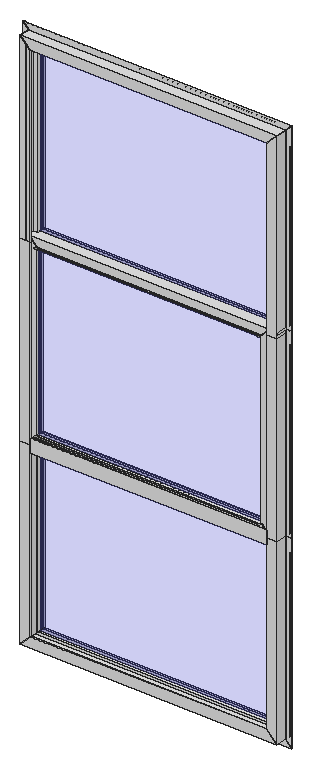
Revit family "591_SH-A_nailfin", category Windows, host Wall, Revit 2016
Family settings
  Host = Wall
  OmniClass Number = 23.30.20.00
  OmniClass Title = Windows
  Always vertical = Yes
  Cut with Voids When Loaded = No
  Shared = No
  Room Calculation Point = No
Parameters (values of type "48x102")
  MLW = 1 / 8 * Width  # 6"
  Interior Color [instance] = White
  Height = 102"
  Exterior Color [instance] = White
  Default Sill Height = 31.49606"
  Wall Closure = By host
  Width = 48"
  BSU = 1 / 3 * Height  # 34"
  BSL = 1 / 3 * Height  # 34"
Reference planes (in)
  plane 1 "Center (Front/Back)": y = 0
  plane 2 "Center (Left/Right)": x = 0
  plane 3 "Left": x = -24
  plane 4 "Right": x = 24
  plane 5 "Sill": z = 31.49606
  plane 6 "Head": z = 133.49606
  plane 7 "Exterior": y = 3.93701
  plane 8 "Interior": y = -3.93701
  plane 9 "Front of wall": y = 3.93701
  plane 10 "BSU": z = 99.49606
  plane 11 "BSL": z = 65.49606
  plane 12: x = -22.6005
  plane 13: x = 22.6005
  plane 14: x = -21.476
  plane 15: x = 21.475
  plane 16: z = 32.89606
  plane 17: z = 64.74606
  plane 18: z = 66.97456
  plane 19: z = 99.42396
  plane 20: z = 99.92296
  plane 21: z = 132.09656
  plane 22: z = 100.24905
  plane 23 "Front of glass": y = 4.93351
Forms (in)
  Extrusion 1, solid, material "White" <- "Interior Color"
    sketch origin (0, 0, 133.49606) x (0, -1, 0) y (1, 0, 0)
      loop
        line (-1.87701, -22.1) -> (-2.07701, -22.1) -> (-2.07701, -22.975) -> (-3.57701, -22.975) -> (-3.57701, -22.1005) -> (-4.18951, -22.1005) -> (-4.18951, -22.6005) -> (-4.93351, -22.6005) -> (-4.93351, -22.13724) -> (-4.97301, -22.1625) -> (-5.33691, -22.16089) -> (-5.33691, -22.725) -> (-5.37701, -22.725) -> (-5.37701, -24.02) -> (-5.25201, -24.02) -> (-5.25201, -23.98) -> (-5.06701, -23.98) -> (-5.03872, -24) -> (-4.00201, -24) -> (-4.00201, -25.125) -> (-3.93701, -25.125) -> (-3.93701, -24) -> (-1.87701, -24) -> (-1.87701, -22.1)
    from 1.125 to -34
  Extrusion 2, solid, material "White" <- "Interior Color"
    sketch origin (0, 0, 133.49606) x (0, -1, 0) y (1, 0, 0)
      loop
        line (-1.87701, 22.1) -> (-1.87701, 24) -> (-3.93701, 24) -> (-3.93701, 25.125) -> (-4.00201, 25.125) -> (-4.00201, 24) -> (-5.03872, 24) -> (-5.06701, 23.98) -> (-5.25201, 23.98) -> (-5.25201, 24.02) -> (-5.37701, 24.02) -> (-5.37701, 22.725) -> (-5.33691, 22.725) -> (-5.33691, 22.16089) -> (-4.97301, 22.1625) -> (-4.93351, 22.13724) -> (-4.93351, 22.6005) -> (-4.18951, 22.6005) -> (-4.18951, 22.1005) -> (-3.57701, 22.1005) -> (-3.57701, 22.975) -> (-2.07701, 22.975) -> (-2.07701, 22.1) -> (-1.87701, 22.1)
    from -34 to 1.125
  Extrusion 3, solid, material "White" <- "Interior Color"
    sketch origin (0, 0, 99.49606) x (-1, 0, 0) y (0, -1, 0)
      loop
        line (21.5564, -3.46691) -> (21.601, -3.47701) -> (22.101, -3.47701) -> (22.101, -4.12701) -> (22.851, -4.12701) -> (22.851, -4.6254) -> (22.726, -4.6254) -> (22.726, -5.37701) -> (24.021, -5.37701) -> (24.021, -5.25201) -> (23.981, -5.25201) -> (23.981, -5.06701) -> (24, -5.04014) -> (24, -4.00201) -> (25.125, -4.00201) -> (25.125, -3.93701) -> (24, -3.93701) -> (24, -1.87701) -> (22.101, -1.87701) -> (22.101, -2.07701) -> (20.976, -2.07701) -> (20.976, -2.31951) -> (21.476, -2.31951) -> (21.476, -3.06351) -> (21.01274, -3.06351) -> (21.038, -3.10301) -> (21.038, -3.46691) -> (21.5564, -3.46691)
    from 0.75298 to -34
  Extrusion 4, solid, material "White" <- "Interior Color"
    sketch origin (0, 0, 99.49606) x (-1, 0, 0) y (0, -1, 0)
      loop
        line (-21.56233, -3.46691) -> (-21.037, -3.46691) -> (-21.037, -3.10301) -> (-21.01174, -3.06351) -> (-21.475, -3.06351) -> (-21.475, -2.31951) -> (-20.975, -2.31951) -> (-20.975, -2.07701) -> (-22.1, -2.07701) -> (-22.1, -1.87701) -> (-24, -1.87701) -> (-24, -3.93701) -> (-25.125, -3.93701) -> (-25.125, -4.00201) -> (-24, -4.00201) -> (-24, -5.03872) -> (-23.98, -5.06701) -> (-23.98, -5.25201) -> (-24.02, -5.25201) -> (-24.02, -5.37701) -> (-22.725, -5.37701) -> (-22.725, -4.62701) -> (-22.85, -4.62701) -> (-22.85, -4.12701) -> (-22.1, -4.12701) -> (-22.1, -3.47701) -> (-21.6, -3.47701) -> (-21.56233, -3.46691)
    from -34 to 0.75298
  Extrusion 5, solid, material "White" <- "Interior Color"
    sketch origin (0, 0, 65.49606) x (0, -1, 0) y (1, 0, 0)
      loop
        line (-5.37701, -24.02) -> (-5.25201, -24.02) -> (-5.25201, -23.98) -> (-5.06701, -23.98) -> (-5.03872, -24) -> (-4.00201, -24) -> (-4.00201, -25.125) -> (-3.93701, -25.125) -> (-3.93701, -24) -> (-1.87701, -24) -> (-1.87701, -22.1) -> (-2.07701, -22.1) -> (-2.07701, -22.445) -> (-3.57701, -22.445) -> (-3.57701, -22.1) -> (-4.18951, -22.1) -> (-4.18951, -22.6005) -> (-4.93351, -22.6005) -> (-4.93351, -22.13674) -> (-4.97301, -22.162) -> (-5.33691, -22.162) -> (-5.33691, -22.725) -> (-5.37701, -22.725) -> (-5.37701, -24.02)
    from 0 to -35.125
  Extrusion 6, solid, material "White" <- "Interior Color"
    sketch origin (0, 0, 65.49606) x (0, -1, 0) y (1, 0, 0)
      loop
        line (-5.37701, 24.02) -> (-5.37701, 22.725) -> (-5.33691, 22.725) -> (-5.33691, 22.162) -> (-4.97301, 22.162) -> (-4.93351, 22.13674) -> (-4.93351, 22.6005) -> (-4.18951, 22.6005) -> (-4.18951, 22.1) -> (-3.57701, 22.1) -> (-3.57701, 22.445) -> (-2.07701, 22.445) -> (-2.07701, 22.1) -> (-1.87701, 22.1) -> (-1.87701, 24) -> (-3.93701, 24) -> (-3.93701, 25.125) -> (-4.00201, 25.125) -> (-4.00201, 24) -> (-5.03872, 24) -> (-5.06701, 23.98) -> (-5.25201, 23.98) -> (-5.25201, 24.02) -> (-5.37701, 24.02)
    from 0 to -35.125
  Extrusion 7, solid, material "White" <- "Interior Color"
    sketch origin (0, 0, 0) x (0, -1, 0) y (0, 0, 1)
      loop
        line (-1.87701, 33.40042) -> (-2.07701, 33.40042) -> (-2.07701, 33.05106) -> (-3.57701, 33.05106) -> (-3.57701, 33.39606) -> (-4.18951, 33.39606) -> (-4.18951, 32.89606) -> (-4.93351, 32.89606) -> (-4.93351, 33.35932) -> (-4.97301, 33.33406) -> (-5.33691, 33.33406) -> (-5.33691, 32.77106) -> (-5.37701, 32.77106) -> (-5.37701, 31.47606) -> (-5.25286, 31.47606) -> (-5.25286, 31.51606) -> (-5.06701, 31.51606) -> (-5.03872, 31.49606) -> (-4.00201, 31.49606) -> (-4.00201, 30.37106) -> (-3.93701, 30.37106) -> (-3.93701, 31.49606) -> (-1.87701, 31.49606) -> (-1.87701, 33.40042)
    from -25.125 to 25.125
  Extrusion 8, solid, material "White" <- "Interior Color"
    sketch origin (0, 0, 0) x (0, -1, 0) y (0, 0, 1)
      loop
        line (-1.87701, 66.74617) -> (-2.07701, 66.74617) -> (-2.07701, 67.40556) -> (-1.70156, 67.40556)
        arc (-1.70156, 67.40556) -> (-1.59274, 67.37161) -> (-1.63951, 67.47556) r 0.0625
        line (-1.63951, 67.47556) -> (-2.31951, 67.47556) -> (-2.31951, 66.97456) -> (-3.06351, 66.97456) -> (-3.06351, 67.43882) -> (-3.10301, 67.41356) -> (-3.46691, 67.41356) -> (-3.46691, 66.8782) -> (-3.47701, 66.83556) -> (-3.47701, 66.74617) -> (-4.12701, 66.74617) -> (-4.12701, 65.99617) -> (-4.62701, 65.99617) -> (-4.62701, 66.12117) -> (-5.37701, 66.12117) -> (-5.37701, 64.87096) -> (-5.33691, 64.87096) -> (-5.33691, 64.30806) -> (-4.97301, 64.30806) -> (-4.93351, 64.28281) -> (-4.93351, 64.74606) -> (-4.18951, 64.74606) -> (-4.18951, 64.24596) -> (-3.57701, 64.24596) -> (-3.57701, 64.60792) -> (-2.07701, 64.60792) -> (-2.07701, 64.24596) -> (-1.87701, 64.24596) -> (-1.87701, 66.74617)
    from -24 to 24
  Extrusion 9, solid, material "White" <- "Interior Color"
    sketch origin (0, 0, 0) x (0, -1, 0) y (0, 0, 1)
      loop
        line (-5.34701, 99.79896) -> (-5.34701, 98.79896) -> (-4.72701, 98.79896) -> (-4.72701, 98.38396) -> (-4.62701, 98.38396) -> (-4.62701, 98.79896) -> (-4.12701, 98.79896) -> (-4.12701, 98.38396) -> (-4.02701, 98.38396) -> (-4.02701, 98.79896) -> (-3.57701, 98.79896) -> (-3.57701, 98.98596) -> (-3.10301, 98.98596) -> (-3.06351, 98.9607) -> (-3.06351, 99.42396) -> (-2.31951, 99.42396) -> (-2.31951, 98.92396) -> (-1.63951, 98.92396)
        arc (-1.63951, 98.92396) -> (-1.59274, 99.02792) -> (-1.70156, 98.99396) r 0.0625
        line (-1.70156, 98.99396) -> (-2.07701, 98.99396) -> (-2.07701, 100.42396) -> (-4.18951, 100.42396) -> (-4.18951, 99.92296) -> (-4.93351, 99.92296) -> (-4.93351, 100.38722) -> (-4.97301, 100.36196) -> (-5.33691, 100.36196) -> (-5.33691, 99.83663) -> (-5.34701, 99.79896)
    from -24 to 24
  Extrusion 10, solid, material "White" <- "Interior Color"
    sketch origin (0, 0, 0) x (0, -1, 0) y (0, 0, 1)
      loop
        line (-1.87701, 131.59606) -> (-1.87701, 133.49606) -> (-3.93701, 133.49606) -> (-3.93701, 134.62106) -> (-4.00201, 134.62106) -> (-4.00201, 133.49606) -> (-5.03872, 133.49606) -> (-5.06701, 133.47606) -> (-5.25201, 133.47606) -> (-5.25201, 133.51606) -> (-5.37701, 133.51606) -> (-5.37701, 132.22106) -> (-5.33691, 132.22106) -> (-5.33691, 131.65696) -> (-4.97301, 131.65856) -> (-4.93351, 131.63331) -> (-4.93351, 132.09656) -> (-4.18951, 132.09656) -> (-4.18951, 131.59656) -> (-3.57701, 131.59656) -> (-3.57701, 132.47106) -> (-2.07701, 132.47106) -> (-2.07701, 131.59606) -> (-1.87701, 131.59606)
    from -25.125 to 25.125
  Sweep 11, void
    path in 3D
      loop
        line (22, 10.06081, 133.49606) -> (22, 3.93701, 133.49606)
    profile origin (22, 6.99891, 133.49606) x (1, 0, 0) y (0, 0, 1)
      loop
        line (3.80914, 1.80914) -> (-0.94086, -2.94086) -> (3.80914, -2.94086) -> (3.80914, 1.80914)
  Sweep 12, void
    path in 3D
      loop
        line (22, 10.06081, 133.49606) -> (22, 3.93701, 133.49606)
    profile origin (22, 6.99891, 133.49606) x (1, 0, 0) y (0, 0, 1)
      loop
        line (3.83804, 1.83804) -> (-0.76409, 1.83804) -> (-0.76409, -2.76409) -> (3.83804, 1.83804)
  Sweep 13, void
    path in 3D
      loop
        line (-21.91271, 10.53934, 133.49606) -> (-21.91271, 3.93701, 133.49606)
    profile origin (-21.91271, 7.23818, 133.49606) x (1, 0, 0) y (0, 0, 1)
      loop
        line (-4.17675, 2.08947) -> (-4.17675, -2.41053) -> (0.32325, -2.41053) -> (-4.17675, 2.08947)
  Sweep 14, void
    path in 3D
      loop
        line (-21.91271, 10.53934, 133.49606) -> (-21.91271, 3.93701, 133.49606)
    profile origin (-21.91271, 7.23818, 133.49606) x (1, 0, 0) y (0, 0, 1)
      loop
        line (-3.75, 1.66271) -> (0, -2.08729) -> (0, 1.66271) -> (-3.75, 1.66271)
  Sweep 15, void
    path in 3D
      loop
        line (22.6005, 10.06081, 99.49606) -> (22.6005, 3.93701, 99.49606)
    profile origin (22.6005, 6.99891, 99.49606) x (1, 0, 0) y (0, 0, 1)
      loop
        line (-0.83035, 1.25774) -> (0.1245, 0.3029) -> (0.1245, -1.49226) -> (3.3745, -1.49226) -> (3.3745, 1.25774) -> (-0.83035, 1.25774)
  Sweep 16, void
    path in 3D
      loop
        line (22.6005, 10.06081, 99.49606) -> (22.6005, 3.93701, 99.49606)
    profile origin (22.6005, 6.99891, 99.49606) x (1, 0, 0) y (0, 0, 1)
      loop
        line (-0.93511, 1.3625) -> (-0.93511, -0.4046) -> (2.8745, -0.4046) -> (2.8745, 0.75298) -> (0.1245, 0.75298) -> (0.1245, 0.3029) -> (-0.93511, 1.3625)
  Sweep 17, void
    path in 3D
      loop
        line (21.90035, 8.97793, 31.49606) -> (21.90035, 3.93701, 31.49606)
    profile origin (21.90035, 6.45747, 31.49606) x (1, 0, 0) y (0, 0, 1)
      loop
        line (4.10469, -2.00504) -> (-0.39257, 2.49222) -> (-0.39257, -2.00504) -> (4.10469, -2.00504)
  Sweep 18, void
    path in 3D
      loop
        line (21.90035, 8.97793, 31.49606) -> (21.90035, 3.93701, 31.49606)
    profile origin (21.90035, 6.45747, 31.49606) x (1, 0, 0) y (0, 0, 1)
      loop
        line (3.93911, -1.83947) -> (3.93911, 2.41053) -> (-0.31089, 2.41053) -> (3.93911, -1.83947)
  Sweep 19, void
    path in 3D
      loop
        line (-21.87919, 9.35012, 31.49606) -> (-21.87919, 3.93701, 31.49606)
    profile origin (-21.87919, 6.64357, 31.49606) x (1, 0, 0) y (0, 0, 1)
      loop
        line (-3.96028, -1.83947) -> (0.28972, -1.83947) -> (0.28972, 2.41053) -> (-3.96028, -1.83947)
  Sweep 20, void
    path in 3D
      loop
        line (-21.87919, 9.35012, 31.49606) -> (-21.87919, 3.93701, 31.49606)
    profile origin (-21.87919, 6.64357, 31.49606) x (1, 0, 0) y (0, 0, 1)
      loop
        line (-3.85673, -1.73591) -> (0.64327, 2.76409) -> (-3.85673, 2.76409) -> (-3.85673, -1.73591)
  Extrusion 21, void
    sketch origin (0, 3.93701, 0) x (1, 0, 0) y (0, 0, 1)
      loop
        line (-21.33279, 130.82885) -> (-25.49016, 134.98622) -> (-25.49016, 130.82885) -> (-21.33279, 130.82885)
    from 0 to 12
  Extrusion 22, void
    sketch origin (0, 3.93701, 0) x (1, 0, 0) y (0, 0, 1)
      loop
        line (-25.66271, 135.15878) -> (-21.59392, 131.08998) -> (-21.59392, 135.15878) -> (-25.66271, 135.15878)
    from 0 to 12
  Extrusion 23, void
    sketch origin (0, 3.93701, 0) x (1, 0, 0) y (0, 0, 1)
      loop
        line (25.50984, 135.00591) -> (21.52513, 131.02119) -> (25.50984, 131.02119) -> (25.50984, 135.00591)
    from 0 to 12
  Extrusion 24, void
    sketch origin (0, 3.93701, 0) x (1, 0, 0) y (0, 0, 1)
      loop
        line (26.25, 135.74606) -> (21.34835, 135.74606) -> (21.34835, 130.84441) -> (26.25, 135.74606)
    from 0 to 12
  Extrusion 25, void
    sketch origin (0, 3.93701, 0) x (1, 0, 0) y (0, 0, 1)
      loop
        line (-21.42843, 34.06764) -> (-25.83947, 29.6566) -> (-21.42843, 29.6566) -> (-21.42843, 34.06764)
    from 0 to 12
  Extrusion 26, void
    sketch origin (0, 3.93701, 0) x (1, 0, 0) y (0, 0, 1)
      loop
        line (-21.31365, 34.18241) -> (-25.73591, 34.18241) -> (-25.73591, 29.76015) -> (-21.31365, 34.18241)
    from 0 to 12
  Extrusion 27, void
    sketch origin (0, 3.93701, 0) x (1, 0, 0) y (0, 0, 1)
      loop
        line (21.3552, 34.14086) -> (21.3552, 29.90362) -> (25.59244, 29.90362) -> (21.3552, 34.14086)
    from 0 to 12
  Extrusion 28, void
    sketch origin (0, 3.93701, 0) x (1, 0, 0) y (0, 0, 1)
      loop
        line (26.25984, 29.23622) -> (26.25984, 33.99094) -> (21.50513, 33.99094) -> (26.25984, 29.23622)
    from 0 to 12
  Extrusion 29, void
    sketch origin (0, 3.93701, 0) x (1, 0, 0) y (0, 0, 1)
      loop
        line (-20.976, 98.92396) -> (-22.1, 100.04796) -> (-24.46911, 100.04796) -> (-24.46911, 98.39644) -> (-20.976, 98.39644) -> (-20.976, 98.92396)
    from 0 to 12
  Extrusion 30, void
    sketch origin (0, 3.93701, 0) x (1, 0, 0) y (0, 0, 1)
      loop
        line (-20.80346, 98.75142) -> (-20.80346, 100.24905) -> (-24, 100.24905) -> (-24, 99.49606) -> (-22.101, 99.49606) -> (-22.101, 100.04896) -> (-20.80346, 98.75142)
    from 0 to 12
  Extrusion 31, void
    sketch origin (0, 3.93701, 0) x (1, 0, 0) y (0, 0, 1)
      loop
        line (20.85481, 98.80377) -> (22.1, 100.04896) -> (22.1, 99.49606) -> (24, 99.49606) -> (24, 100.24905) -> (20.85481, 100.24905) -> (20.85481, 98.80377)
    from 0 to 12
  Extrusion 32, void
    sketch origin (0, 3.93701, 0) x (1, 0, 0) y (0, 0, 1)
      loop
        line (22.1, 100.04896) -> (20.975, 98.92396) -> (20.975, 98.20642) -> (24.15782, 98.20642) -> (24.15782, 100.04896) -> (22.1, 100.04896)
    from 0 to 12
  Extrusion 33, void
    sketch origin (0, 3.93701, 0) x (1, 0, 0) y (0, 0, 1)
      loop
        line (20.4544, 67.99617) -> (20.4544, 65.74617) -> (21.7044, 65.74617) -> (21.7044, 66.74617) -> (20.4544, 67.99617)
    from 0 to 12
  Extrusion 34, void
    sketch origin (0, 3.93701, 0) x (1, 0, 0) y (0, 0, 1)
      loop
        line (20.77608, 67.67448) -> (21.7044, 66.74617) -> (22.1, 66.74617) -> (22.1, 63.74617) -> (24.22079, 63.74617) -> (24.22079, 67.67448) -> (20.77608, 67.67448)
    from 0 to 12
  Extrusion 35, void
    sketch origin (0, 3.93701, 0) x (1, 0, 0) y (0, 0, 1)
      loop
        line (-20.8149, 67.63666) -> (-24.351, 67.63666) -> (-24.351, 63.99617) -> (-22.101, 63.99617) -> (-22.101, 66.74617) -> (-21.7054, 66.74617) -> (-20.8149, 67.63666)
    from 0 to 12
  Extrusion 36, void
    sketch origin (0, 3.93701, 0) x (1, 0, 0) y (0, 0, 1)
      loop
        line (-20.31759, 68.13397) -> (-21.7054, 66.74617) -> (-20.31759, 66.74617) -> (-20.31759, 68.13397)
    from 0 to 12
  Sweep 37, void
    path in 3D
      loop
        line (-21.19491, 10.37983, 99.49606) -> (-21.19491, 3.93701, 99.49606)
    profile origin (-21.19491, 7.15842, 99.49606) x (1, 0, 0) y (0, 0, 1)
      loop
        line (-0.61607, 1.21692) -> (-1.53009, 0.3029) -> (-1.53009, 0.75298) -> (-4.28009, 0.75298) -> (-4.28009, -0.74983) -> (-0.61607, -0.74983) -> (-0.61607, 1.21692)
  Sweep 38, void
    path in 3D
      loop
        line (-21.19491, 10.37983, 99.49606) -> (-21.19491, 3.93701, 99.49606)
    profile origin (-21.19491, 7.15842, 99.49606) x (1, 0, 0) y (0, 0, 1)
      loop
        line (-0.61424, 1.21875) -> (-4.28009, 1.21875) -> (-4.28009, -1.4471) -> (-1.53009, -1.4471) -> (-1.53009, 0.3029) -> (-0.61424, 1.21875)
  Sweep 39, void
    path in 3D
      loop
        line (-20.31759, 10.06081, 65.49606) -> (-20.31759, 3.93701, 65.49606)
    profile origin (-20.31759, 6.99891, 65.49606) x (1, 0, 0) y (0, 0, 1)
      loop
        line (-0.84532, 1.2501) -> (-2.40841, 1.2501) -> (-2.40841, -0.6251) -> (-0.84532, -2.18819) -> (-0.84532, 1.2501)
  Sweep 40, void
    path in 3D
      loop
        line (-20.31759, 10.06081, 65.49606) -> (-20.31759, 3.93701, 65.49606)
    profile origin (-20.31759, 6.99891, 65.49606) x (1, 0, 0) y (0, 0, 1)
      loop
        line (-1.28713, -1.74639) -> (-2.40841, -0.6251) -> (-2.40841, 1.75361) -> (-5.15841, 1.75361) -> (-5.15841, -1.74639) -> (-1.28713, -1.74639)
  Sweep 41, void
    path in 3D
      loop
        line (23.14292, 9.79495, 65.49606) -> (23.14292, 3.93701, 65.49606)
    profile origin (23.14292, 6.86598, 65.49606) x (1, 0, 0) y (0, 0, 1)
      loop
        line (-1.79679, 1.2501) -> (-1.79679, -2.00397) -> (-0.41792, -0.6251) -> (-0.41792, 1.2501) -> (-1.79679, 1.2501)
  Sweep 42, void
    path in 3D
      loop
        line (23.14292, 9.79495, 65.49606) -> (23.14292, 3.93701, 65.49606)
    profile origin (23.14292, 6.86598, 65.49606) x (1, 0, 0) y (0, 0, 1)
      loop
        line (-1.41792, -1.6251) -> (2.21541, -1.6251) -> (2.21541, 2.1249) -> (-0.41792, 2.1249) -> (-0.41792, -0.6251) -> (-1.41792, -1.6251)
  Extrusion 43, solid, material "Glass"
    sketch origin (0, 0, 0) x (0, -1, 0) y (0, 0, 1)
      loop
        line (-4.93351, 99.92296) -> (-4.18951, 99.92296) -> (-4.18951, 132.09656) -> (-4.93351, 132.09656) -> (-4.93351, 99.92296)
    from -22.6005 to 22.6005
  Extrusion 44, solid, material "Glass"
    sketch origin (0, 0, 0) x (0, -1, 0) y (0, 0, 1)
      loop
        line (-4.93351, 64.74606) -> (-4.93351, 32.89606) -> (-4.18951, 32.89606) -> (-4.18951, 64.74606) -> (-4.93351, 64.74606)
    from -22.6005 to 22.6005
  Extrusion 45, solid, material "Glass"
    sketch origin (0, 0, 0) x (0, -1, 0) y (0, 0, 1)
      loop
        line (-3.06351, 99.42396) -> (-3.06351, 66.97456) -> (-2.31951, 66.97456) -> (-2.31951, 99.42396) -> (-3.06351, 99.42396)
    from -21.475 to 21.476
Cuts and joins
  Sweep 12, Sweep 16, Extrusion 24 cuts Extrusion 2
  Sweep 11, Sweep 13, Extrusion 21, Extrusion 23 cuts Extrusion 10
  Sweep 14, Extrusion 22, Sweep 37 cuts Extrusion 1
  Sweep 15, Extrusion 29, Extrusion 32, Sweep 38 cuts Extrusion 9
  Extrusion 31, Extrusion 33, Sweep 41 cuts Extrusion 4
  Sweep 17, Extrusion 27, Sweep 41 cuts Extrusion 6
  Sweep 18, Sweep 20, Extrusion 26, Extrusion 28 cuts Extrusion 7
  Sweep 19, Extrusion 25, Sweep 39 cuts Extrusion 5
  Extrusion 30, Extrusion 36, Sweep 39 cuts Extrusion 3
  Extrusion 34, Extrusion 35, Sweep 40, Sweep 42 cuts Extrusion 8
Lines and regions (in)
  Opening 1
    outline origin (137.79528, -3.93701, 0) x (1, 0, 0) y (0, 0, 1)
      loop
        line (-113.79528, 31.49606) -> (-113.79528, 133.49606) -> (-161.79528, 133.49606) -> (-161.79528, 31.49606) -> (-113.79528, 31.49606)
  reference lines
    curve 1: line (-21.91271, 10.53934, 133.49606) -> (-21.91271, 3.93701, 133.49606)
    curve 2: line (-21.19491, 10.37983, 99.49606) -> (-21.19491, 3.93701, 99.49606)
    curve 3: line (-20.31759, 10.06081, 65.49606) -> (-20.31759, 3.93701, 65.49606)
    curve 4: line (22, 10.06081, 133.49606) -> (22, 3.93701, 133.49606)
    curve 5: line (22.6005, 10.06081, 99.49606) -> (22.6005, 3.93701, 99.49606)
    curve 6: line (23.14292, 9.79495, 65.49606) -> (23.14292, 3.93701, 65.49606)
    curve 7: line (-21.87919, 9.35012, 31.49606) -> (-21.87919, 3.93701, 31.49606)
    curve 8: line (21.90035, 8.97793, 31.49606) -> (21.90035, 3.93701, 31.49606)
    curve 28: line (2.5, 4.93351, 118.99606) -> (-2.5, 4.93351, 118.99606)
    curve 29: line (2.5, 4.93351, 113.99606) -> (2.5, 4.93351, 118.99606)
    curve 30: line (-2.5, 4.93351, 113.99606) -> (2.5, 4.93351, 113.99606)
    curve 31: line (-2.5, 4.93351, 118.99606) -> (-2.5, 4.93351, 113.99606)
    curve 35: line (0, 4.93351, 113.99606) -> (0, 4.93351, 120.49606)
    curve 36: line (2.5, 4.93351, 116.49606) -> (-5, 4.93351, 116.49606)
    curve 37: line (2.5, 4.93351, 50.99606) -> (-2.5, 4.93351, 50.99606)
    curve 38: line (2.5, 4.93351, 45.99606) -> (2.5, 4.93351, 50.99606)
    curve 39: line (-2.5, 4.93351, 45.99606) -> (2.5, 4.93351, 45.99606)
    curve 40: line (-2.5, 4.93351, 50.99606) -> (-2.5, 4.93351, 45.99606)
    curve 44: line (0, 4.93351, 45.99606) -> (0, 4.93351, 52.49606)
    curve 45: line (2.5, 4.93351, 48.49606) -> (1.31359, 4.93351, 48.49606)
    curve 49: line (2.5, 0, 118.96001) -> (-2.5, 0, 118.96001)
    curve 50: line (2.5, 0, 113.96001) -> (2.5, 0, 118.96001)
    curve 51: line (-2.5, 0, 113.96001) -> (2.5, 0, 113.96001)
    curve 52: line (-2.5, 0, 118.96001) -> (-2.5, 0, 113.96001)
    curve 53: line (0, 0, 113.96001) -> (0, 0, 121.46001)
    curve 54: line (2.5, 0, 116.46001) -> (-4.5, 0, 116.46001)
    curve 58: line (2.5, 0, 50.99606) -> (-2.5, 0, 50.99606)
    curve 59: line (2.5, 0, 45.99606) -> (2.5, 0, 50.99606)
    curve 60: line (-2.5, 0, 45.99606) -> (2.5, 0, 45.99606)
    curve 61: line (-2.5, 0, 50.99606) -> (-2.5, 0, 45.99606)
    curve 62: line (0, 0, 45.99606) -> (0, 0, 53.49606)
    curve 63: line (2.5, 0, 48.49606) -> (-4.5, 0, 48.49606)
  sketch lines
    curve 9: line (22, 10.06081, 133.49606) -> (22, 3.93701, 133.49606)
    curve 10: line (22, 10.06081, 133.49606) -> (22, 3.93701, 133.49606)
    curve 11: line (-21.91271, 10.53934, 133.49606) -> (-21.91271, 3.93701, 133.49606)
    curve 12: line (-21.91271, 10.53934, 133.49606) -> (-21.91271, 3.93701, 133.49606)
    curve 13: line (22.6005, 10.06081, 99.49606) -> (22.6005, 3.93701, 99.49606)
    curve 14: line (22.6005, 10.06081, 99.49606) -> (22.6005, 3.93701, 99.49606)
    curve 15: line (21.90035, 8.97793, 31.49606) -> (21.90035, 3.93701, 31.49606)
    curve 16: line (21.90035, 8.97793, 31.49606) -> (21.90035, 3.93701, 31.49606)
    curve 17: line (-21.87919, 9.35012, 31.49606) -> (-21.87919, 3.93701, 31.49606)
    curve 18: line (-21.87919, 9.35012, 31.49606) -> (-21.87919, 3.93701, 31.49606)
    curve 19: line (-21.19491, 10.37983, 99.49606) -> (-21.19491, 3.93701, 99.49606)
    curve 20: line (-21.19491, 10.37983, 99.49606) -> (-21.19491, 3.93701, 99.49606)
    curve 21: line (-20.31759, 10.06081, 65.49606) -> (-20.31759, 3.93701, 65.49606)
    curve 22: line (-20.31759, 10.06081, 65.49606) -> (-20.31759, 3.93701, 65.49606)
    curve 23: line (23.14292, 9.79495, 65.49606) -> (23.14292, 3.93701, 65.49606)
    curve 24: line (23.14292, 9.79495, 65.49606) -> (23.14292, 3.93701, 65.49606)
  model lines
    curve 25: line (0, 3.93701, 68.11681) -> (0, 3.93701, 96.61681)
    curve 26: line (0, 3.93701, 96.61681) -> (4.24264, 3.93701, 92.37417)
    curve 27: line (0, 3.93701, 96.61681) -> (-4.24264, 3.93701, 92.37417)
    curve 32: line (2.5, 4.93351, 118.99606) -> (-2.5, 4.93351, 113.99606)
    curve 33: line (-2.5, 4.93351, 116.49606) -> (0, 4.93351, 118.99606)
    curve 34: line (0, 4.93351, 113.99606) -> (2.5, 4.93351, 116.49606)
    curve 41: line (2.5, 4.93351, 50.99606) -> (-2.5, 4.93351, 45.99606)
    curve 42: line (-2.5, 4.93351, 48.49606) -> (0, 4.93351, 50.99606)
    curve 43: line (0, 4.93351, 45.99606) -> (2.5, 4.93351, 48.49606)
  symbolic lines
    curve 46: line (0, 3.93701, 96.61681) -> (4.24264, 3.93701, 92.37417)
    curve 47: line (0, 3.93701, 96.61681) -> (-4.24264, 3.93701, 92.37417)
    curve 48: line (0, 3.93701, 96.61681) -> (0, 3.93701, 68.11681)
    curve 55: line (0, 0, 113.96001) -> (2.5, 0, 116.46001)
    curve 56: line (0, 0, 118.96001) -> (-2.5, 0, 116.46001)
    curve 57: line (-2.5, 0, 113.96001) -> (2.5, 0, 118.96001)
    curve 64: line (0, 0, 45.99606) -> (2.5, 0, 48.49606)
    curve 65: line (0, 0, 50.99606) -> (-2.5, 0, 48.49606)
    curve 66: line (-2.5, 0, 45.99606) -> (2.5, 0, 50.99606)
Text (in)
  text "EXTERIOR" at (-77.29147, 52.45485, 0), in view "Ref. Level"
  text "INTERIOR" at (-78.01048, -32.21994, 0), in view "Ref. Level"
  text "Exterior" at (0, 36.36817, 115.8778), in view "Right"
  text "Exterior" at (0, 40.96394, 105.72475), in view "Left"
Dimensions and locks (in)
  equal spacing: plane 3 "Left", plane 2 "Center (Left/Right)", plane 4 "Right"
  "Width": plane 3 "Left" to plane 4 "Right"
  "Height": plane 5 "Sill" to plane 6 "Head"
  "Default Sill Height": plane 5 "Sill" to level
  locked: plane 7 "Exterior" to host wall at 0
  locked: plane 8 "Interior" to host wall
  "BSU": plane 6 "Head" to plane 10 "BSU"
  "BSL": plane 11 "BSL" to plane 5 "Sill"
  locked: plane 13 to plane 4 "Right" at 1.3995
  locked: plane 3 "Left" to plane 12 at 1.3995
  locked: Extrusion 1 sketch curve to plane 3 "Left" at 1.125
  locked: Extrusion 1 sketch curve to plane 9 "Front of wall" at 2.06
  locked: Extrusion 1 sketch curve to Extrusion 1 sketch curve at 1.9
  locked: plane 4 "Right" to Extrusion 2 sketch curve at 1.125
  locked: Extrusion 2 sketch curve to plane 9 "Front of wall" at 2.06
  locked: Extrusion 2 sketch curve to Extrusion 2 sketch curve at 1.9
  locked: plane 15 to plane 4 "Right" at 2.525
  locked: plane 3 "Left" to plane 14 at 2.524
  locked: Extrusion 3 sketch curve to plane 9 "Front of wall" at 2.06
  locked: Extrusion 3 sketch curve to Extrusion 3 sketch curve at 1.899
  locked: Extrusion 3 sketch curve to plane 3 "Left" at 1.125
  locked: plane 4 "Right" to Extrusion 4 sketch curve at 1.125
  locked: Extrusion 4 sketch curve to plane 9 "Front of wall" at 2.06
  locked: Extrusion 4 sketch curve to Extrusion 4 sketch curve at 1.9
  locked: Extrusion 5 sketch curve to plane 9 "Front of wall" at 2.06
  locked: Extrusion 5 sketch curve to Extrusion 5 sketch curve at 1.9
  locked: Extrusion 5 sketch curve to plane 3 "Left" at 1.125
  locked: Extrusion 6 sketch curve to plane 9 "Front of wall" at 2.06
  locked: plane 4 "Right" to Extrusion 6 sketch curve at 1.125
  locked: Extrusion 6 sketch curve to Extrusion 6 sketch curve at 1.9
  locked: plane 21 to plane 6 "Head" at 1.3995
  locked: plane 20 to plane 10 "BSU" at 0.4269
  locked: plane 10 "BSU" to plane 19 at 0.0721
  locked: plane 11 "BSL" to plane 18 at 1.4785
  locked: plane 17 to plane 11 "BSL" at 0.75
  locked: plane 5 "Sill" to plane 16 at 1.4
  locked: Extrusion 7 sketch curve to plane 5 "Sill" at 1.125
  locked: plane 9 "Front of wall" to Extrusion 7 sketch curve at 2.06
  locked: Extrusion 7 sketch curve to Extrusion 7 sketch curve at 1.90436
  locked: plane 11 "BSL" to Extrusion 8 sketch curve at 0.6251
  locked: Extrusion 8 sketch curve to plane 11 "BSL" at 0.6251
  locked: plane 11 "BSL" to Extrusion 8 sketch curve at 1.2501
  locked: Extrusion 8 sketch curve to plane 11 "BSL" at 1.2501
  locked: Extrusion 9 sketch curve to plane 10 "BSU" at 0.8659
  locked: plane 10 "BSU" to Extrusion 9 sketch curve at 0.6971
  locked: Extrusion 9 sketch curve to plane 10 "BSU" at 0.9279
  locked: plane 10 "BSU" to Extrusion 9 sketch curve at 0.5721
  locked: plane 6 "Head" to Extrusion 10 sketch curve at 1.125
  locked: plane 9 "Front of wall" to Extrusion 10 sketch curve at 2.06
  locked: Extrusion 10 sketch curve to Extrusion 10 sketch curve at 1.9
  locked: plane 22 to plane 10 "BSU" at 0.75298
  locked: plane 9 "Front of wall" to Extrusion 9 sketch curve at 1.86
  locked: plane 9 "Front of wall" to Extrusion 8 sketch curve at 2.06
  equal spacing: plane 3 "Left", curve 25, plane 4 "Right"
  locked: plane 9 "Front of wall" to plane 23 "Front of glass" at 0.9965
  "MLW": curve 27 to curve 27
  "MLW": curve 27 to curve 26
  locked: curve 27 to plane 10 "BSU" at 2.87926
  locked: plane 11 "BSL" to curve 25 at 2.62074
  equal spacing: curve 33, curve 32, curve 34
  locked: curve 29 to curve 31 at 5
  locked: curve 30 to curve 28 at 5
  equal spacing: curve 31, curve 35, curve 29
  equal spacing: curve 30, curve 36, curve 28
  equal spacing: curve 42, curve 41, curve 43
  locked: curve 38 to curve 40 at 5
  locked: curve 39 to curve 37 at 5
  equal spacing: curve 40, curve 44, curve 38
  equal spacing: curve 39, curve 45, curve 37
  equal spacing: plane 10 "BSU", curve 36, plane 6 "Head"
  equal spacing: plane 3 "Left", curve 35, plane 4 "Right"
  equal spacing: plane 3 "Left", curve 44, plane 4 "Right"
  equal spacing: plane 5 "Sill", curve 45, plane 11 "BSL"
  locked: curve 50 to curve 52 at 5
  locked: curve 51 to curve 49 at 5
  equal spacing: curve 52, curve 53, curve 50
  equal spacing: curve 51, curve 54, curve 49
  locked: curve 52 to curve 56 at 2.5
  locked: curve 52 to curve 55 at 2.5
  locked: curve 55 to curve 51 at 2.5
  locked: curve 56 to curve 51 at 2.5
  locked: curve 50 to curve 57 at 5
  locked: curve 59 to curve 61 at 5
  locked: curve 60 to curve 58 at 5
  equal spacing: curve 61, curve 62, curve 59
  equal spacing: curve 60, curve 63, curve 58
  locked: curve 61 to curve 65 at 2.5
  locked: curve 61 to curve 64 at 2.5
  locked: curve 64 to curve 60 at 2.5
  locked: curve 65 to curve 60 at 2.5
  locked: curve 59 to curve 66 at 5
  equal spacing: plane 11 "BSL", curve 63, plane 5 "Sill"
  equal spacing: plane 3 "Left", curve 62, plane 4 "Right"
  equal spacing: plane 6 "Head", curve 54, plane 19
  equal spacing: plane 3 "Left", curve 53, plane 4 "Right"
  locked: curve 26 to curve 25 (angle 45.00°)
  locked: curve 25 to curve 27 (angle 45.00°)
  aligned and locked: plane 9 "Front of wall" to host wall
  aligned and locked: plane 12 to Extrusion 1 sketch curve
  aligned and locked: Extrusion 1 sketch curve to plane 3 "Left"  (x2)
  aligned and locked: Extrusion 1 sketch curve to plane 9 "Front of wall"
  aligned and locked: Extrusion 2 sketch curve to plane 4 "Right"
  aligned and locked: plane 9 "Front of wall" to Extrusion 2 sketch curve
  aligned and locked: plane 13 to Extrusion 2 sketch curve
  aligned and locked: plane 14 to Extrusion 3 sketch curve
  aligned and locked: Extrusion 3 sketch curve to plane 9 "Front of wall"
  aligned and locked: Extrusion 3 sketch curve to plane 3 "Left"  (x2)
  aligned and locked: Extrusion 4 sketch curve to plane 4 "Right"  (x2)
  aligned and locked: plane 9 "Front of wall" to Extrusion 4 sketch curve
  aligned and locked: plane 15 to Extrusion 4 sketch curve
  aligned and locked: Extrusion 5 sketch curve to plane 3 "Left"  (x2)
  aligned and locked: Extrusion 5 sketch curve to plane 9 "Front of wall"
  aligned and locked: plane 12 to Extrusion 5 sketch curve
  aligned and locked: Extrusion 6 sketch curve to plane 4 "Right"  (x2)
  aligned and locked: plane 9 "Front of wall" to Extrusion 6 sketch curve
  aligned and locked: plane 13 to Extrusion 6 sketch curve
  aligned and locked: Extrusion 7 sketch curve to plane 5 "Sill"  (x2)
  aligned and locked: plane 16 to Extrusion 7 sketch curve
  aligned and locked: Extrusion 7 sketch curve to plane 9 "Front of wall"
  aligned and locked: plane 18 to Extrusion 8 sketch curve
  aligned and locked: Extrusion 8 sketch curve to plane 17
  aligned and locked: Extrusion 9 sketch curve to plane 20
  aligned and locked: plane 19 to Extrusion 9 sketch curve
  aligned and locked: Extrusion 10 sketch curve to plane 6 "Head"  (x2)
  aligned and locked: plane 9 "Front of wall" to Extrusion 10 sketch curve
  aligned and locked: plane 21 to Extrusion 10 sketch curve
  aligned and locked: Extrusion 10 to Extrusion 2  (x2)
  aligned and locked: Extrusion 1 to Extrusion 10  (x2)
  aligned and locked: Extrusion 2 to plane 10 "BSU"
  aligned and locked: Extrusion 1 to plane 10 "BSU"
  aligned and locked: plane 11 "BSL" to Extrusion 4
  aligned and locked: Extrusion 5 to plane 11 "BSL"
  aligned and locked: plane 11 "BSL" to Extrusion 3
  aligned and locked: Extrusion 8 to plane 4 "Right"
  aligned and locked: Extrusion 9 to plane 4 "Right"
  aligned and locked: Extrusion 6 to Extrusion 7  (x2)
  aligned and locked: Extrusion 6 to plane 11 "BSL"
  aligned and locked: Extrusion 7 to Extrusion 5  (x2)
  aligned and locked: plane 3 "Left" to Extrusion 9
  aligned and locked: plane 3 "Left" to Extrusion 8
  aligned and locked: plane 9 "Front of wall" to curve 6
  aligned and locked: plane 9 "Front of wall" to curve 5
  aligned and locked: plane 9 "Front of wall" to curve 4
  aligned and locked: plane 9 "Front of wall" to curve 3
  aligned and locked: plane 9 "Front of wall" to curve 1
  aligned and locked: plane 9 "Front of wall" to curve 2
  aligned and locked: plane 9 "Front of wall" to curve 8
  aligned and locked: plane 9 "Front of wall" to curve 7
  aligned and locked: plane 22 to Extrusion 3
  aligned and locked: cut or joined group of Extrusion 4, Extrusion 31, Extrusion 33, Sweep 41 to plane 22
  aligned and locked: plane 20 to Extrusion 43 sketch curve
  aligned and locked: Extrusion 43 sketch curve to plane 21
  aligned and locked: plane 17 to Extrusion 44 sketch curve
  aligned and locked: Extrusion 44 sketch curve to plane 16
  aligned and locked: Extrusion 45 sketch curve to plane 18
  aligned and locked: Extrusion 45 sketch curve to plane 19
  aligned and locked: plane 12 to Extrusion 44
  aligned and locked: Extrusion 44 to plane 13
  aligned and locked: plane 14 to Extrusion 45
  aligned and locked: Extrusion 45 to plane 15
  aligned and locked: plane 12 to Extrusion 43
  aligned and locked: Extrusion 43 to plane 13
  aligned and locked: curve 28 to curve 31
  aligned and locked: curve 31 to curve 31
  aligned and locked: curve 29 to curve 29
  aligned and locked: curve 31 to curve 32
  aligned and locked: curve 32 to curve 28
  aligned and locked: curve 28 to curve 33
  aligned and locked: curve 31 to curve 33
  aligned and locked: curve 30 to curve 34
  aligned and locked: curve 29 to curve 34
  aligned and locked: curve 37 to curve 40
  aligned and locked: curve 40 to curve 40
  aligned and locked: curve 38 to curve 38
  aligned and locked: curve 40 to curve 41
  aligned and locked: curve 41 to curve 37
  aligned and locked: curve 37 to curve 42
  aligned and locked: curve 40 to curve 42
  aligned and locked: curve 39 to curve 43
  aligned and locked: curve 38 to curve 43
  aligned and locked: curve 49 to curve 52
  aligned and locked: curve 52 to curve 52
  aligned and locked: curve 50 to curve 50
  aligned and locked: curve 52 to curve 56
  aligned and locked: curve 51 to curve 55
  aligned and locked: curve 50 to curve 55
  aligned and locked: curve 49 to curve 56
  aligned and locked: curve 50 to curve 57
  aligned and locked: curve 57 to curve 51
  aligned and locked: curve 58 to curve 61
  aligned and locked: curve 61 to curve 61
  aligned and locked: curve 59 to curve 59
  aligned and locked: curve 61 to curve 65
  aligned and locked: curve 60 to curve 64
  aligned and locked: curve 59 to curve 64
  aligned and locked: curve 58 to curve 65
  aligned and locked: curve 59 to curve 66
  aligned and locked: curve 66 to curve 60
Automatic sketch dimensions
  plane 14 to curve 1 = 0.43671"
  curve 4 to plane 15 = 0.525"
  host wall to curve 4 = 6.1238"
  host wall to curve 1 = 6.60233"
  curve 5 to plane 13 = 0"
  curve 2 to plane 14 = 0.28109"
  host wall to curve 5 = 6.1238"
  host wall to curve 2 = 6.44282"
  curve 3 to plane 14 = 1.15841"
  curve 6 to plane 13 = 0.54242"
  host wall to curve 6 = 5.85794"
  host wall to curve 3 = 6.1238"
  plane 14 to curve 7 = 0.40319"
  curve 8 to plane 15 = 0.42535"
  curve 7 to curve 7 = 5.41312"
  curve 8 to curve 8 = 5.04092"
  profile plane to Sweep 11 sketch curve = 0.94086"
  Sweep 11 sketch curve to profile plane = 2.94086"
  Sweep 11 sketch curve to profile plane = 3.80914"
  profile plane to Sweep 11 sketch curve = 1.80914"
  profile plane to Sweep 12 sketch curve = 0.76409"
  Sweep 12 sketch curve to profile plane = 2.76409"
  Sweep 12 sketch curve to profile plane = 3.83804"
  profile plane to Sweep 12 sketch curve = 1.83804"
  Sweep 13 sketch curve to profile plane = 0.32325"
  Sweep 13 sketch curve to profile plane = 2.41053"
  profile plane to Sweep 13 sketch curve = 2.08947"
  profile plane to Sweep 13 sketch curve = 4.17675"
  profile plane to Sweep 14 sketch curve = 0"
  Sweep 14 sketch curve to profile plane = 2.08729"
  profile plane to Sweep 14 sketch curve = 3 3/4"
  profile plane to Sweep 14 sketch curve = 1.66271"
  Sweep 15 sketch curve to profile plane = 0.1245"
  Sweep 15 sketch curve to profile plane = 1.49226"
  Sweep 15 sketch curve to Sweep 15 sketch curve = 3 1/4"
  profile plane to Sweep 15 sketch curve = 0.3029"
  profile plane to Sweep 15 sketch curve = 0.83035"
  Sweep 15 sketch curve to Sweep 15 sketch curve = 0.95485"
  profile plane to Sweep 17 sketch curve = 0.39257"
  Sweep 17 sketch curve to profile plane = 2.00504"
  Sweep 17 sketch curve to profile plane = 4.10469"
  profile plane to Sweep 17 sketch curve = 2.49222"
  profile plane to Sweep 18 sketch curve = 0.31089"
  profile plane to Sweep 18 sketch curve = 2.41053"
  Sweep 18 sketch curve to profile plane = 1.83947"
  Sweep 18 sketch curve to profile plane = 3.93911"
  Sweep 19 sketch curve to profile plane = 0.28972"
  profile plane to Sweep 19 sketch curve = 2.41053"
  profile plane to Sweep 19 sketch curve = 3.96028"
  Sweep 19 sketch curve to profile plane = 1.83947"
  Sweep 20 sketch curve to profile plane = 0.64327"
  profile plane to Sweep 20 sketch curve = 2.76409"
  profile plane to Sweep 20 sketch curve = 3.85673"
  Sweep 20 sketch curve to profile plane = 1.73591"
  profile plane to Sweep 16 sketch curve = 0.93511"
  Sweep 16 sketch curve to profile plane = 0.1245"
  profile plane to Sweep 16 sketch curve = 0.3029"
  Sweep 16 sketch curve to Sweep 16 sketch curve = 0.45009"
  Sweep 16 sketch curve to Sweep 16 sketch curve = 0.60952"
  Sweep 16 sketch curve to Sweep 16 sketch curve = 2 3/4"
  Sweep 16 sketch curve to profile plane = 0.4046"
  profile plane to Sweep 37 sketch curve = 0.75298"
  profile plane to Sweep 37 sketch curve = 4.28009"
  profile plane to Sweep 37 sketch curve = 0.3029"
  Sweep 37 sketch curve to profile plane = 0.74983"
  Sweep 37 sketch curve to Sweep 37 sketch curve = 0.91402"
  profile plane to Sweep 37 sketch curve = 0.61607"
  profile plane to Sweep 37 sketch curve = 1.21692"
  Sweep 38 sketch curve to profile plane = 1.4471"
  profile plane to Sweep 38 sketch curve = 4.28009"
  profile plane to Sweep 38 sketch curve = 1.53009"
  profile plane to Sweep 38 sketch curve = 0.3029"
  Sweep 38 sketch curve to Sweep 38 sketch curve = 0.91585"  (x2)
  profile plane to Sweep 39 sketch curve = 2.40841"
  profile plane to Sweep 39 sketch curve = 0.84532"
  Sweep 39 sketch curve to profile plane = 2.18819"
  Sweep 39 sketch curve to profile plane = 0.6251"
  profile plane to Sweep 39 sketch curve = 1.2501"
  profile plane to Sweep 40 sketch curve = 1.75361"
  profile plane to Sweep 40 sketch curve = 5.15841"
  profile plane to Sweep 40 sketch curve = 2.40841"
  Sweep 40 sketch curve to profile plane = 0.6251"
  Sweep 40 sketch curve to Sweep 40 sketch curve = 1.12129"  (x2)
  profile plane to Sweep 41 sketch curve = 0.41792"
  Sweep 41 sketch curve to profile plane = 0.6251"
  profile plane to Sweep 41 sketch curve = 1.2501"
  Sweep 41 sketch curve to Sweep 41 sketch curve = 1.37887"  (x2)
  profile plane to Sweep 42 sketch curve = 1.41792"
  profile plane to Sweep 42 sketch curve = 0.41792"
  Sweep 42 sketch curve to profile plane = 2.21541"
  Sweep 42 sketch curve to profile plane = 1.6251"
  Sweep 42 sketch curve to profile plane = 0.6251"
  profile plane to Sweep 42 sketch curve = 2.1249"
  Extrusion 45 sketch curve to host wall = 0.8735"
  Extrusion 45 sketch curve to Extrusion 45 sketch curve = 0.744"
  plane 3 "Left" to Opening 1 sketch curve = 0"
  plane 4 "Right" to Opening 1 sketch curve = 0"
  Opening 1 sketch curve to plane 5 "Sill" = 0"
  Opening 1 sketch curve to plane 6 "Head" = 0"
  Extrusion 1 sketch curve to plane 23 "Front of glass" = 0"
  plane 23 "Front of glass" to Extrusion 1 sketch curve = 0.0395"
  plane 23 "Front of glass" to Extrusion 1 sketch curve = 0.10522"
  Extrusion 1 sketch curve to plane 3 "Left" = 0.02"
  Extrusion 1 sketch curve to Extrusion 1 sketch curve = 0.02828"
  plane 3 "Left" to Extrusion 1 sketch curve = 0.02"
  Extrusion 1 sketch curve to Extrusion 1 sketch curve = 0.185"
  Extrusion 1 sketch curve to Extrusion 1 sketch curve = 0.36391"
  Extrusion 1 sketch curve to Extrusion 1 sketch curve = 1/8"
  host wall to Extrusion 1 sketch curve = 0.065"
  Extrusion 1 sketch curve to host wall = 0.36"
  Extrusion 1 sketch curve to Extrusion 1 sketch curve = 0.2"
  plane 12 to Extrusion 1 sketch curve = 0.3745"
  plane 12 to Extrusion 1 sketch curve = 0.1245"
  Extrusion 1 sketch curve to plane 12 = 0.438"
  Extrusion 1 sketch curve to Extrusion 1 sketch curve = 0.00161"
  Extrusion 1 sketch curve to Extrusion 1 sketch curve = 0.02526"
  Extrusion 2 sketch curve to plane 23 "Front of glass" = 0"
  Extrusion 2 sketch curve to plane 4 "Right" = 0"
  plane 23 "Front of glass" to Extrusion 2 sketch curve = 0.0395"
  plane 23 "Front of glass" to Extrusion 2 sketch curve = 0.10522"
  plane 4 "Right" to Extrusion 2 sketch curve = 0.02"
  Extrusion 2 sketch curve to Extrusion 2 sketch curve = 0.02828"
  Extrusion 2 sketch curve to plane 4 "Right" = 0.02"
  Extrusion 2 sketch curve to Extrusion 2 sketch curve = 0.185"
  Extrusion 2 sketch curve to Extrusion 2 sketch curve = 0.36391"
  Extrusion 2 sketch curve to Extrusion 2 sketch curve = 1/8"
  Extrusion 2 sketch curve to Extrusion 2 sketch curve = 0.065"
  Extrusion 2 sketch curve to host wall = 0.36"
  Extrusion 2 sketch curve to Extrusion 2 sketch curve = 0.2"
  plane 13 to Extrusion 2 sketch curve = 1/2"
  Extrusion 2 sketch curve to Extrusion 2 sketch curve = 0.02365"
  Extrusion 2 sketch curve to Extrusion 2 sketch curve = 0.02526"
  Extrusion 2 sketch curve to plane 13 = 0.1245"
  Extrusion 2 sketch curve to plane 13 = 0.3745"
  Extrusion 3 sketch curve to plane 14 = 0.438"
  Extrusion 3 sketch curve to Extrusion 3 sketch curve = 0.02526"
  Extrusion 3 sketch curve to plane 14 = 1/2"
  plane 14 to Extrusion 3 sketch curve = 0.0804"
  Extrusion 3 sketch curve to Extrusion 3 sketch curve = 0.0446"
  host wall to Extrusion 3 sketch curve = 0.19"
  Extrusion 3 sketch curve to plane 12 = 0.4995"
  plane 12 to Extrusion 3 sketch curve = 0.1255"
  Extrusion 3 sketch curve to Extrusion 3 sketch curve = 1/8"
  Extrusion 3 sketch curve to plane 3 "Left" = 0.019"
  plane 3 "Left" to Extrusion 3 sketch curve = 0.021"
  Extrusion 3 sketch curve to plane 23 "Front of glass" = 0.30811"
  plane 23 "Front of glass" to Extrusion 3 sketch curve = 0.10663"
  Extrusion 3 sketch curve to Extrusion 3 sketch curve = 0.02687"
  Extrusion 3 sketch curve to Extrusion 3 sketch curve = 0.185"
  plane 23 "Front of glass" to Extrusion 3 sketch curve = 0.4435"
  Extrusion 3 sketch curve to Extrusion 3 sketch curve = 0.065"
  Extrusion 3 sketch curve to host wall = 0.46"
  Extrusion 3 sketch curve to host wall = 0.47009"
  Extrusion 3 sketch curve to Extrusion 3 sketch curve = 0.36391"
  Extrusion 3 sketch curve to Extrusion 3 sketch curve = 0.0395"
  Extrusion 3 sketch curve to Extrusion 3 sketch curve = 0.2425"
  Extrusion 4 sketch curve to plane 4 "Right" = 0.02"
  plane 4 "Right" to Extrusion 4 sketch curve = 0.02"
  Extrusion 4 sketch curve to plane 13 = 0.2495"
  Extrusion 4 sketch curve to plane 13 = 0.1245"
  host wall to Extrusion 4 sketch curve = 0.19"
  plane 13 to Extrusion 4 sketch curve = 0.5005"
  Extrusion 4 sketch curve to plane 15 = 1/8"
  Extrusion 4 sketch curve to Extrusion 4 sketch curve = 0.03767"
  plane 15 to Extrusion 4 sketch curve = 0.438"
  Extrusion 4 sketch curve to Extrusion 4 sketch curve = 0.02526"
  Extrusion 4 sketch curve to plane 23 "Front of glass" = 0.3065"
  plane 23 "Front of glass" to Extrusion 4 sketch curve = 0.10522"
  Extrusion 4 sketch curve to Extrusion 4 sketch curve = 0.02828"
  Extrusion 4 sketch curve to Extrusion 4 sketch curve = 0.185"
  plane 23 "Front of glass" to Extrusion 4 sketch curve = 0.4435"
  host wall to Extrusion 4 sketch curve = 0.065"
  Extrusion 4 sketch curve to host wall = 0.46"
  Extrusion 4 sketch curve to host wall = 0.47009"
  Extrusion 4 sketch curve to Extrusion 4 sketch curve = 0.36391"
  Extrusion 4 sketch curve to Extrusion 4 sketch curve = 0.0395"
  Extrusion 4 sketch curve to Extrusion 4 sketch curve = 0.2425"
  Extrusion 5 sketch curve to plane 23 "Front of glass" = 0"
  plane 23 "Front of glass" to Extrusion 5 sketch curve = 0.0395"
  plane 23 "Front of glass" to Extrusion 5 sketch curve = 0.10522"
  Extrusion 5 sketch curve to plane 3 "Left" = 0.02"
  Extrusion 5 sketch curve to Extrusion 5 sketch curve = 0.02828"
  plane 3 "Left" to Extrusion 5 sketch curve = 0.02"
  Extrusion 5 sketch curve to Extrusion 5 sketch curve = 0.185"
  plane 12 to Extrusion 5 sketch curve = 0.1245"
  plane 23 "Front of glass" to Extrusion 5 sketch curve = 0.40341"
  Extrusion 5 sketch curve to Extrusion 5 sketch curve = 1/8"
  Extrusion 5 sketch curve to Extrusion 5 sketch curve = 0.065"
  Extrusion 5 sketch curve to plane 12 = 0.1555"
  Extrusion 5 sketch curve to host wall = 0.36"
  Extrusion 5 sketch curve to Extrusion 5 sketch curve = 0.2"
  Extrusion 5 sketch curve to plane 12 = 0.4385"
  Extrusion 5 sketch curve to Extrusion 5 sketch curve = 0.02526"
  Extrusion 5 sketch curve to Extrusion 5 sketch curve = 0.345"
  Extrusion 6 sketch curve to plane 23 "Front of glass" = 0"
  plane 23 "Front of glass" to Extrusion 6 sketch curve = 0.0395"
  plane 23 "Front of glass" to Extrusion 6 sketch curve = 0.10522"
  plane 4 "Right" to Extrusion 6 sketch curve = 0.02"
  Extrusion 6 sketch curve to Extrusion 6 sketch curve = 0.02828"
  Extrusion 6 sketch curve to plane 4 "Right" = 0.02"
  Extrusion 6 sketch curve to Extrusion 6 sketch curve = 0.185"
  Extrusion 6 sketch curve to plane 13 = 0.1245"
  plane 23 "Front of glass" to Extrusion 6 sketch curve = 0.40341"
  Extrusion 6 sketch curve to Extrusion 6 sketch curve = 1/8"
  host wall to Extrusion 6 sketch curve = 0.065"
  plane 13 to Extrusion 6 sketch curve = 0.1555"
  Extrusion 6 sketch curve to host wall = 0.36"
  Extrusion 6 sketch curve to Extrusion 6 sketch curve = 0.2"
  Extrusion 6 sketch curve to Extrusion 6 sketch curve = 0.5005"
  Extrusion 6 sketch curve to Extrusion 6 sketch curve = 0.02526"
  Extrusion 7 sketch curve to plane 23 "Front of glass" = 0"
  plane 23 "Front of glass" to Extrusion 7 sketch curve = 0.0395"
  plane 23 "Front of glass" to Extrusion 7 sketch curve = 0.10522"
  Extrusion 7 sketch curve to plane 5 "Sill" = 0.02"
  Extrusion 7 sketch curve to Extrusion 7 sketch curve = 0.02828"
  plane 5 "Sill" to Extrusion 7 sketch curve = 0.02"
  Extrusion 7 sketch curve to Extrusion 7 sketch curve = 0.18586"
  Extrusion 7 sketch curve to Extrusion 7 sketch curve = 0.36391"
  Extrusion 7 sketch curve to Extrusion 7 sketch curve = 0.12414"
  Extrusion 7 sketch curve to Extrusion 7 sketch curve = 0.065"
  Extrusion 7 sketch curve to host wall = 0.36"
  Extrusion 7 sketch curve to Extrusion 7 sketch curve = 0.2"
  plane 16 to Extrusion 7 sketch curve = 1/8"
  Extrusion 7 sketch curve to plane 16 = 0.155"
  Extrusion 7 sketch curve to plane 16 = 0.438"
  Extrusion 7 sketch curve to Extrusion 7 sketch curve = 0.02526"
  Extrusion 7 sketch curve to plane 16 = 1/2"
  Extrusion 8 sketch curve to plane 23 "Front of glass" = 0"
  plane 23 "Front of glass" to Extrusion 8 sketch curve = 0.0395"
  Extrusion 8 sketch curve to Extrusion 8 sketch curve = 0.36391"  (x2)
  Extrusion 8 sketch curve to Extrusion 8 sketch curve = 0.04009"
  Extrusion 8 sketch curve to plane 23 "Front of glass" = 0.3065"
  host wall to Extrusion 8 sketch curve = 0.19"
  Extrusion 8 sketch curve to host wall = 0.36"
  plane 18 to Extrusion 8 sketch curve = 0.2284"
  Extrusion 8 sketch curve to host wall = 0.46"
  Extrusion 8 sketch curve to Extrusion 8 sketch curve = 0.01009"
  Extrusion 8 sketch curve to Extrusion 8 sketch curve = 0.0395"
  Extrusion 8 sketch curve to Extrusion 8 sketch curve = 0.2425"
  Extrusion 8 sketch curve to Extrusion 8 sketch curve = 0.2"
  Extrusion 8 sketch curve to Extrusion 8 sketch curve = 0.37545"
  Extrusion 8 sketch curve to Extrusion 8 sketch curve = 0.06205"
  plane 17 to Extrusion 8 sketch curve = 0.5001"
  Extrusion 8 sketch curve to Extrusion 8 sketch curve = 0.02526"  (x2)
  plane 17 to Extrusion 8 sketch curve = 0.13815"
  Extrusion 8 sketch curve to Extrusion 8 sketch curve = 1/8"
  Extrusion 8 sketch curve to Extrusion 8 sketch curve = 0.0894"
  Extrusion 8 sketch curve to Extrusion 8 sketch curve = 0.04263"
  Extrusion 8 sketch curve to plane 18 = 0.431"
  Extrusion 8 sketch curve to Extrusion 8 sketch curve = 0.0075"
  Extrusion 8 sketch curve to plane 18 = 0.439"
  Extrusion 9 sketch curve to plane 23 "Front of glass" = 0"
  plane 23 "Front of glass" to Extrusion 9 sketch curve = 0.0395"
  plane 20 to Extrusion 9 sketch curve = 0.08633"
  plane 23 "Front of glass" to Extrusion 9 sketch curve = 0.40341"
  Extrusion 9 sketch curve to Extrusion 9 sketch curve = 0.01009"
  Extrusion 9 sketch curve to plane 23 "Front of glass" = 0.2065"
  Extrusion 9 sketch curve to Extrusion 9 sketch curve = 0.1"
  host wall to Extrusion 9 sketch curve = 0.19"
  host wall to Extrusion 9 sketch curve = 0.09"
  Extrusion 9 sketch curve to host wall = 0.36"
  Extrusion 9 sketch curve to Extrusion 9 sketch curve = 0.474"
  Extrusion 9 sketch curve to Extrusion 9 sketch curve = 0.0395"
  Extrusion 9 sketch curve to Extrusion 9 sketch curve = 0.37545"
  Extrusion 9 sketch curve to Extrusion 9 sketch curve = 0.06205"
  Extrusion 9 sketch curve to Extrusion 9 sketch curve = 0.415"
  Extrusion 9 sketch curve to Extrusion 9 sketch curve = 0"  (x3)
  Extrusion 9 sketch curve to Extrusion 9 sketch curve = 0.02526"  (x2)
  Extrusion 9 sketch curve to Extrusion 9 sketch curve = 1/16"
  Extrusion 9 sketch curve to Extrusion 9 sketch curve = 0.03767"
  Extrusion 10 sketch curve to plane 23 "Front of glass" = 0"
  plane 23 "Front of glass" to Extrusion 10 sketch curve = 0.0395"
  plane 23 "Front of glass" to Extrusion 10 sketch curve = 0.10522"
  plane 6 "Head" to Extrusion 10 sketch curve = 0.02"
  Extrusion 10 sketch curve to Extrusion 10 sketch curve = 0.02828"
  Extrusion 10 sketch curve to plane 6 "Head" = 0.02"
  Extrusion 10 sketch curve to Extrusion 10 sketch curve = 0.185"
  Extrusion 10 sketch curve to Extrusion 10 sketch curve = 0.36391"
  Extrusion 10 sketch curve to Extrusion 10 sketch curve = 1/8"
  Extrusion 10 sketch curve to Extrusion 10 sketch curve = 0.065"
  Extrusion 10 sketch curve to host wall = 0.36"
  Extrusion 10 sketch curve to Extrusion 10 sketch curve = 0.2"
  plane 21 to Extrusion 10 sketch curve = 1/2"
  Extrusion 10 sketch curve to Extrusion 10 sketch curve = 0.02365"
  Extrusion 10 sketch curve to Extrusion 10 sketch curve = 0.02526"
  Extrusion 10 sketch curve to plane 21 = 0.1245"
  Extrusion 10 sketch curve to plane 21 = 0.3745"
  plane 3 "Left" to Extrusion 21 sketch curve = 1.49016"
  Extrusion 21 sketch curve to plane 14 = 0.14321"
  plane 21 to Extrusion 21 sketch curve = 1.26771"
  Extrusion 21 sketch curve to plane 6 "Head" = 1.49016"
  plane 3 "Left" to Extrusion 22 sketch curve = 1.66271"
  plane 14 to Extrusion 22 sketch curve = 0.11792"
  plane 21 to Extrusion 22 sketch curve = 1.00658"
  Extrusion 22 sketch curve to plane 6 "Head" = 1.66271"
  Extrusion 23 sketch curve to plane 15 = 0.05013"
  Extrusion 23 sketch curve to plane 4 "Right" = 1.50984"
  plane 21 to Extrusion 23 sketch curve = 1.07537"
  Extrusion 23 sketch curve to plane 6 "Head" = 1.50984"
  plane 15 to Extrusion 24 sketch curve = 0.12665"
  Extrusion 24 sketch curve to plane 4 "Right" = 2 1/4"
  plane 21 to Extrusion 24 sketch curve = 1.25215"
  Extrusion 24 sketch curve to plane 6 "Head" = 2 1/4"
  plane 3 "Left" to Extrusion 25 sketch curve = 1.83947"
  Extrusion 25 sketch curve to plane 14 = 0.04757"
  plane 5 "Sill" to Extrusion 25 sketch curve = 1.83947"
  Extrusion 25 sketch curve to plane 16 = 1.17157"
  plane 3 "Left" to Extrusion 26 sketch curve = 1.73591"
  Extrusion 26 sketch curve to plane 14 = 0.16235"
  plane 5 "Sill" to Extrusion 26 sketch curve = 1.73591"
  Extrusion 26 sketch curve to plane 16 = 1.28635"
  plane 15 to Extrusion 27 sketch curve = 0.1198"
  Extrusion 27 sketch curve to plane 4 "Right" = 1.59244"
  plane 5 "Sill" to Extrusion 27 sketch curve = 1.59244"
  Extrusion 27 sketch curve to plane 16 = 1.2448"
  Extrusion 28 sketch curve to plane 15 = 0.03013"
  Extrusion 28 sketch curve to plane 16 = 1.09487"
  Extrusion 28 sketch curve to plane 4 "Right" = 2.25984"
  plane 5 "Sill" to Extrusion 28 sketch curve = 2.25984"
  plane 3 "Left" to Extrusion 29 sketch curve = 0.46911"
  Extrusion 29 sketch curve to plane 20 = 1/8"
  Extrusion 29 sketch curve to plane 12 = 0.5005"
  Extrusion 29 sketch curve to plane 14 = 1/2"
  plane 19 to Extrusion 29 sketch curve = 1/2"
  plane 19 to Extrusion 29 sketch curve = 1.02752"
  plane 3 "Left" to Extrusion 30 sketch curve = 0"
  Extrusion 30 sketch curve to plane 10 "BSU" = 0"
  Extrusion 30 sketch curve to plane 22 = 0"
  Extrusion 30 sketch curve to plane 20 = 0.126"
  Extrusion 30 sketch curve to plane 12 = 0.4995"
  Extrusion 30 sketch curve to plane 14 = 0.67254"
  plane 19 to Extrusion 30 sketch curve = 0.67254"
  Extrusion 31 sketch curve to plane 22 = 0"
  Extrusion 31 sketch curve to plane 10 "BSU" = 0"
  plane 4 "Right" to Extrusion 31 sketch curve = 0"
  plane 13 to Extrusion 31 sketch curve = 0.5005"
  plane 15 to Extrusion 31 sketch curve = 0.62019"
  plane 19 to Extrusion 31 sketch curve = 0.62019"
  Extrusion 31 sketch curve to plane 20 = 0.126"
  plane 15 to Extrusion 32 sketch curve = 1/2"
  Extrusion 32 sketch curve to plane 20 = 0.126"
  plane 13 to Extrusion 32 sketch curve = 0.5005"
  Extrusion 32 sketch curve to plane 4 "Right" = 0.15782"
  plane 19 to Extrusion 32 sketch curve = 1/2"
  Extrusion 32 sketch curve to Extrusion 32 sketch curve = 0.71753"
  plane 15 to Extrusion 33 sketch curve = 1.0206"
  Extrusion 33 sketch curve to plane 15 = 0.2294"
  Extrusion 33 sketch curve to plane 11 "BSL" = 0.2501"
  plane 18 to Extrusion 33 sketch curve = 0.2284"
  Extrusion 33 sketch curve to plane 18 = 1.0216"
  plane 15 to Extrusion 34 sketch curve = 0.69892"
  Extrusion 34 sketch curve to plane 15 = 0.2294"
  plane 13 to Extrusion 34 sketch curve = 0.5005"
  Extrusion 34 sketch curve to plane 4 "Right" = 0.22079"
  plane 17 to Extrusion 34 sketch curve = 0.9999"
  plane 18 to Extrusion 34 sketch curve = 0.2284"
  Extrusion 34 sketch curve to plane 18 = 0.69992"
  plane 3 "Left" to Extrusion 35 sketch curve = 0.351"
  Extrusion 35 sketch curve to plane 12 = 0.4995"
  plane 14 to Extrusion 35 sketch curve = 0.2294"
  Extrusion 35 sketch curve to plane 14 = 0.6611"
  plane 17 to Extrusion 35 sketch curve = 0.7499"
  plane 18 to Extrusion 35 sketch curve = 0.2284"
